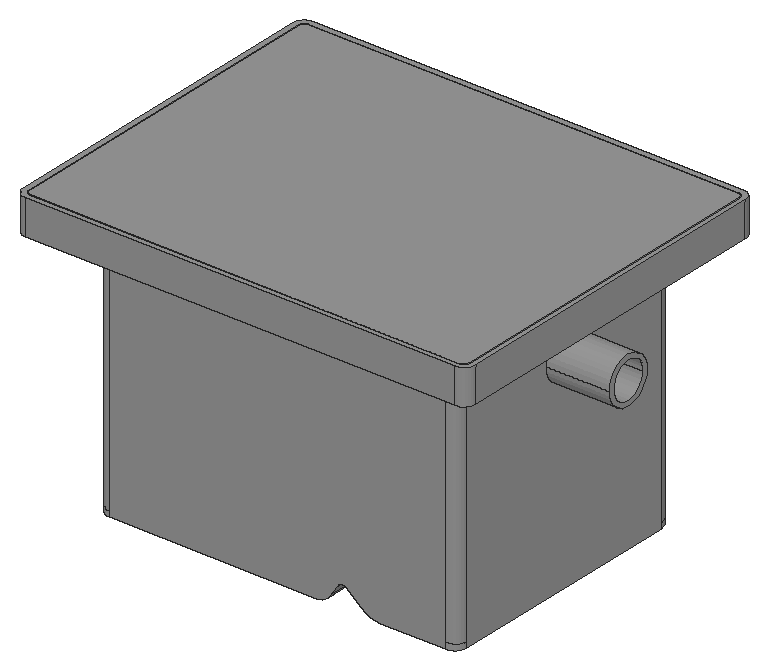
Revit family "Lil", category Plumbing Fixtures, Revit 2019
Family settings
  Round Connector Dimension = Use Diameter
  Part Type = Normal
  Work Plane-Based = No
  Always vertical = Yes
  Cut with Voids When Loaded = No
  Shared = No
  Room Calculation Point = No
Parameters (values of type "Lil-7")
  top 2 = 2"
  URL = "www.mifab.com"
  TOP1 = 1 1/2"
  TOP THK = 1 1/2"
  Pressure Drop = 0.00 psi
  Model = "MI-G-1-PL-PSB"
  Material = Polyethylene, High Density
  Manufacturer = "MIFAB"
  Flow = 7 GPM
  FULL DIM = 6"
  F2 = F / 2 - 51/256"  # 205/256"
  F/2 = F / 2  # 1"
  F = 2"
  E = 12 1/2"
  Description = "7GPM Lil Max HDPE Grease Interceptor"
  D = 9"
  C = 3 1/2"
  BOTTOM 1 = 9"
  B = 15 1/2"
  A+1 = (A + 1") / 1.95  # 10.51282"
  A = 19 1/2"
Types (9): name | top 2 | Model | Flow | F2 | F/2 | F | E | Description | D | C | B | A+1 | A
  (no name) | 2" | "MI-G-1-PL-PSB" | 7 GPM | 205/256" | 1" | 2" | 12 1/2" | "7GPM Lil Max HDPE Grease Interceptor" | 9" | 3 1/2" | 15 1/2" | 10.51282" | 19 1/2"
  Lil-7 | 2" | "MI-G-1-PL-PSB" | 7 GPM | 205/256" | 1" | 2" | 12 1/2" | "7GPM Lil Max HDPE Grease Interceptor" | 9" | 3 1/2" | 15 1/2" | 10.51282" | 19 1/2"
  Lil-10 | 3.09455" | "MI-G-2-PL-PSB" | 10 GPM | 205/256" | 1" | 2" | 13 1/4" | "10GPM Lil Max HDPE Grease Interceptor" | 9 3/4" | 3 1/2" | 17 1/2" | 12.30769" | 23"
  Lil-15 | 3.09455" | "MI-G-3-PL-PSB" | 15 GPM | 205/256" | 1" | 2" | 16 3/4" | "15GPM Lil Max HDPE Grease Interceptor" | 13 1/4" | 3 1/2" | 17 1/2" | 12.30769" | 23"
  Lil-20 | 3.09455" | "MI-G-4-PL-PSB" | 20 GPM | 1 77/256" | 1 1/2" | 3" | 14 1/4" | "20GPM Lil Max HDPE Grease Interceptor" | 10 3/4" | 3 1/2" | 20 1/2" | 15.64103" | 29 1/2"
  Lil-25 | 3.09455" | "MI-G-5-PL-PSB" | 25 GPM | 1 77/256" | 1 1/2" | 3" | 18 1/4" | "25GPM Lil Max HDPE Grease Interceptor" | 14 3/4" | 3 1/2" | 20 1/2" | 15.64103" | 29 1/2"
  Lil-35 | 3.09455" | "MI-G-6-PL-PSB" | 35 GPM | 1 77/256" | 1 1/2" | 3" | 22 1/4" | "35GPM Lil Max HDPE Grease Interceptor" | 16 3/4" | 5 1/2" | 25 1/2" | 17.4359" | 33"
  Lil-50 | 3.09455" | "MI-G-7-PL-PSB" | 50 GPM | 1 77/256" | 1 1/2" | 3" | 24 1/4" | "50GPM Lil Max HDPE Grease Interceptor" | 18 3/4" | 5 1/2" | 25 1/2" | 17.4359" | 33"
  Lil-25-LP | 3.09455" | "MI-G-5-PL-PSB-FSCR" | 25 GPM | 1 77/256" | 1 1/2" | 3" | 12 1/2" | "25GPM Lil Max HDPE Low Profile Grease Interceptor" | 9" | 3 1/2" | 25 1/2" | 17.4359" | 33"
Reference planes (in)
  plane 1 "Center (Front/Back)": y = 0
  plane 2: z = 0
  plane 3 "Center (Left/Right)": x = 0
  plane 4: z = -3.5
  plane 5: z = -12.5
Forms (in)
  Extrusion 1, solid, material "Polyethylene, High Density" <- "Material"
    sketch origin (-0.57139, 0, 0) x (1, 0, 0) y (0, 1, 0)
      loop
        arc (-8.67861, 7.75) -> (-9.03216, 7.60355) -> (-9.17861, 7.25) r 0.5
        line (-9.17861, 7.25) -> (-9.17861, -7.25)
        arc (-9.17861, -7.25) -> (-9.03216, -7.60355) -> (-8.67861, -7.75) r 0.5
        line (-8.67861, -7.75) -> (9.82139, -7.75)
        arc (9.82139, -7.75) -> (10.17494, -7.60355) -> (10.32139, -7.25) r 0.5
        line (10.32139, -7.25) -> (10.32139, 7.25)
        arc (10.32139, 7.25) -> (10.17494, 7.60355) -> (9.82139, 7.75) r 0.5
        line (9.82139, 7.75) -> (-8.67861, 7.75)
      loop
        arc (-8.92861, -7.25) -> (-8.85539, -7.42678) -> (-8.67861, -7.5) r 0.25
        line (-8.67861, -7.5) -> (9.82139, -7.5)
        arc (9.82139, -7.5) -> (9.99817, -7.42678) -> (10.07139, -7.25) r 0.25
        line (10.07139, -7.25) -> (10.07139, 7.25)
        arc (10.07139, 7.25) -> (9.99817, 7.42678) -> (9.82139, 7.5) r 0.25
        line (9.82139, 7.5) -> (-8.67861, 7.5)
        arc (-8.67861, 7.5) -> (-8.85539, 7.42678) -> (-8.92861, 7.25) r 0.25
        line (-8.92861, 7.25) -> (-8.92861, -7.25)
    from -1.5 to 0
  Extrusion 2, solid, material "Polyethylene, High Density" <- "Material"
    sketch origin (0, 0, 0) x (1, 0, 0) y (0, 1, 0)
      loop
        arc (-7.25, 5.75) -> (-7.60355, 5.60355) -> (-7.75, 5.25) r 0.5
        line (-7.75, 5.25) -> (-7.75, -5.25)
        arc (-7.75, -5.25) -> (-7.60355, -5.60355) -> (-7.25, -5.75) r 0.5
        line (-7.25, -5.75) -> (7.25, -5.75)
        arc (7.25, -5.75) -> (7.60355, -5.60355) -> (7.75, -5.25) r 0.5
        line (7.75, -5.25) -> (7.75, 5.25)
        arc (7.75, 5.25) -> (7.60355, 5.60355) -> (7.25, 5.75) r 0.5
        line (7.25, 5.75) -> (-7.25, 5.75)
      loop
        arc (-7.5, -5.25) -> (-7.42678, -5.42678) -> (-7.25, -5.5) r 0.25
        line (-7.25, -5.5) -> (7.25, -5.5)
        arc (7.25, -5.5) -> (7.42678, -5.42678) -> (7.5, -5.25) r 0.25
        line (7.5, -5.25) -> (7.5, 5.25)
        arc (7.5, 5.25) -> (7.42678, 5.42678) -> (7.25, 5.5) r 0.25
        line (7.25, 5.5) -> (-7.25, 5.5)
        arc (-7.25, 5.5) -> (-7.42678, 5.42678) -> (-7.5, 5.25) r 0.25
        line (-7.5, 5.25) -> (-7.5, -5.25)
    from -12.5 to -1.5
  Extrusion 3, solid, material "Polyethylene, High Density" <- "Material"
    sketch origin (0, 0, 0) x (0, 1, 0) y (0, 0, 1)
      loop
        circle (0, -3.5) r 1
    from 7.5 to 10.51282
  Extrusion 4, void
    sketch origin (0, 0, 0) x (0, 1, 0) y (0, 0, 1)
      loop
        circle (0, -3.5) r 0.80078
    from -10.51282 to 10.51282
  Extrusion 5, solid, material "Polyethylene, High Density" <- "Material"
    sketch origin (0, 0, 0) x (0, 1, 0) y (0, 0, -1)
      loop
        circle (0, 3.5) r 1
    from 7.5 to 10.51282
  Extrusion 6, solid, material "Polyethylene, High Density" <- "Material"
    sketch origin (0, 0, 0) x (1, 0, 0) y (0, 1, 0)
      loop
        line (-9.5, 7.25) -> (-9.5, -7.25)
        arc (-9.5, -7.25) -> (-9.42678, -7.42678) -> (-9.25, -7.5) r 0.25
        line (-9.25, -7.5) -> (9.25, -7.5)
        arc (9.25, -7.5) -> (9.42678, -7.42678) -> (9.5, -7.25) r 0.25
        line (9.5, -7.25) -> (9.5, 7.25)
        arc (9.5, 7.25) -> (9.42678, 7.42678) -> (9.25, 7.5) r 0.25
        line (9.25, 7.5) -> (-9.25, 7.5)
        arc (-9.25, 7.5) -> (-9.42678, 7.42678) -> (-9.5, 7.25) r 0.25
      loop
        line (-7.5, 5.25) -> (-7.5, -5.25)
        arc (-7.5, -5.25) -> (-7.42678, -5.42678) -> (-7.25, -5.5) r 0.25
        line (-7.25, -5.5) -> (7.25, -5.5)
        arc (7.25, -5.5) -> (7.42678, -5.42678) -> (7.5, -5.25) r 0.25
        line (7.5, -5.25) -> (7.5, 5.25)
        arc (7.5, 5.25) -> (7.42678, 5.42678) -> (7.25, 5.5) r 0.25
        line (7.25, 5.5) -> (-7.25, 5.5)
        arc (-7.25, 5.5) -> (-7.42678, 5.42678) -> (-7.5, 5.25) r 0.25
    from -1.5 to -1.27407
  Extrusion 7, solid, material "Polyethylene, High Density" <- "Material"
    sketch origin (0, 0, 0) x (1, 0, 0) y (0, 0, 1)
      loop
        line (-7.75, -12.5) -> (1.68146, -12.5)
        arc (1.68146, -12.5) -> (2.08444, -12.38254) -> (2.3612, -12.06696) r 0.75
        line (2.3612, -12.06696) -> (2.63018, -11.66446)
        arc (2.63018, -11.66446) -> (2.78411, -11.56852) -> (2.95785, -11.6206) r 0.22028
        line (2.95785, -11.6206) -> (3.61676, -12.19339)
        arc (3.61676, -12.19339) -> (3.99907, -12.42084) -> (4.43683, -12.5) r 1.25
        line (4.43683, -12.5) -> (7.75, -12.5) -> (7.75, -12.25) -> (4.43683, -12.25)
        arc (4.43683, -12.25) -> (4.08662, -12.18667) -> (3.78077, -12.00471) r 1
        line (3.78077, -12.00471) -> (3.10631, -11.41841)
        arc (3.10631, -11.41841) -> (2.74971, -11.3115) -> (2.43377, -11.50842) r 0.45213
        line (2.43377, -11.50842) -> (2.14162, -11.94558)
        arc (2.14162, -11.94558) -> (1.95733, -12.16701) -> (1.68146, -12.25) r 0.5
        line (1.68146, -12.25) -> (-7.75, -12.25) -> (-7.75, -12.5)
    from -5.75 to 5.75
  Extrusion 8, void
    sketch origin (0, 0, 0) x (1, 0, 0) y (0, 0, 1)
      loop
        line (1.68146, -12.5) -> (4.43683, -12.5)
        arc (4.43683, -12.5) -> (3.99907, -12.42084) -> (3.61676, -12.19339) r 1.25
        line (3.61676, -12.19339) -> (2.95785, -11.6206)
        arc (2.95785, -11.6206) -> (2.78411, -11.56852) -> (2.63018, -11.66446) r 0.22028
        line (2.63018, -11.66446) -> (2.3612, -12.06696)
        arc (2.3612, -12.06696) -> (2.08444, -12.38254) -> (1.68146, -12.5) r 0.75
    from -13.10637 to 13.12808
  Extrusion 9, void
    sketch origin (0, 0, 0) x (1, 0, 0) y (0, 1, 0)
      loop
        arc (-7.25, 5.75) -> (-7.60355, 5.60355) -> (-7.75, 5.25) r 0.5
        line (-7.75, 5.25) -> (-7.75, -5.25)
        arc (-7.75, -5.25) -> (-7.60355, -5.60355) -> (-7.25, -5.75) r 0.5
        line (-7.25, -5.75) -> (7.25, -5.75)
        arc (7.25, -5.75) -> (7.60355, -5.60355) -> (7.75, -5.25) r 0.5
        line (7.75, -5.25) -> (7.75, 5.25)
        arc (7.75, 5.25) -> (7.60355, 5.60355) -> (7.25, 5.75) r 0.5
        line (7.25, 5.75) -> (-7.25, 5.75)
      loop
        arc (-7.25, 6) -> (-7.78033, 5.78033) -> (-8, 5.25) r 0.75
        line (-8, 5.25) -> (-8, -5.25)
        arc (-8, -5.25) -> (-7.78033, -5.78033) -> (-7.25, -6) r 0.75
        line (-7.25, -6) -> (7.25, -6)
        arc (7.25, -6) -> (7.78033, -5.78033) -> (8, -5.25) r 0.75
        line (8, -5.25) -> (8, 5.25)
        arc (8, 5.25) -> (7.78033, 5.78033) -> (7.25, 6) r 0.75
        line (7.25, 6) -> (-7.25, 6)
    from -12.5 to -8.24153
  Extrusion 10, solid, material "Polytetrafluoroethylene"
    sketch origin (0, 0, 0) x (1, 0, 0) y (0, 1, 0)
      loop
        arc (-9.5, -7.25) -> (-9.42678, -7.42678) -> (-9.25, -7.5) r 0.25
        line (-9.25, -7.5) -> (9.25, -7.5)
        arc (9.25, -7.5) -> (9.42678, -7.42678) -> (9.5, -7.25) r 0.25
        line (9.5, -7.25) -> (9.5, 7.25)
        arc (9.5, 7.25) -> (9.42678, 7.42678) -> (9.25, 7.5) r 0.25
        line (9.25, 7.5) -> (-9.25, 7.5)
        arc (-9.25, 7.5) -> (-9.42678, 7.42678) -> (-9.5, 7.25) r 0.25
        line (-9.5, 7.25) -> (-9.5, -7.25)
    from -1.27407 to 0
Cuts and joins
  Extrusion 4 cuts Extrusion 1
  Extrusion 4, Extrusion 8 cuts Extrusion 2
  Extrusion 4 cuts Extrusion 3
  Extrusion 4 cuts Extrusion 5
  Extrusion 4 cuts Extrusion 6
  Extrusion 4, Extrusion 8, Extrusion 9 cuts Extrusion 7
  joined: Extrusion 1, Extrusion 2, Extrusion 3, Extrusion 5, Extrusion 6, Extrusion 7
Dimensions and locks (in)
  "D": plane 5 to plane 4
  "C": level to plane 4
  equal spacing: Extrusion 1 sketch curve, plane 1 "Center (Front/Back)", Extrusion 1 sketch curve
  plane 1 "Center (Front/Back)" to Extrusion 1 sketch curve = 7 3/4"
  equal spacing: Extrusion 1, plane 3 "Center (Left/Right)", Extrusion 1
  "A+1": Extrusion 3 to plane 3 "Center (Left/Right)"
  "A": Extrusion 1 sketch curve to Extrusion 1 sketch curve
  equal spacing: Extrusion 1 sketch curve, plane 3 "Center (Left/Right)", Extrusion 1 sketch curve
  "A+1": cut or joined group 1 (Extrusion 1, Extrusion 2, Extrusion 3, Extrusion 4, Extrusion 5, Extrusion 6, Extrusion 7, Extrusion 8, Extrusion 9) to plane 3 "Center (Left/Right)"
  locked: Extrusion 6 to Extrusion 1 at 0.22593
  equal spacing: Extrusion 2 sketch curve, plane 3 "Center (Left/Right)", Extrusion 2 sketch curve
  equal spacing: Extrusion 2 sketch curve, plane 1 "Center (Front/Back)", Extrusion 2 sketch curve
  cut or joined group 1 to cut or joined group 1 = 1/4"
  locked: cut or joined group 1 to cut or joined group 1 at 0.25  (x3)
  cut or joined group 1 to cut or joined group 1 = 2"
  locked: cut or joined group 1 to cut or joined group 1 at 2
  locked: cut or joined group 1 to cut or joined group 1 at 2.25  (x2)
  "B": cut or joined group 1 to cut or joined group 1
  locked: Extrusion 6 sketch curve to cut or joined group 1 at 2  (x2)
  "F/2": radius of Extrusion 3 sketch curve
  "F2": radius of Extrusion 4 sketch curve
  "F/2": radius of Extrusion 5 sketch curve
  aligned and locked: plane 2 to level
  aligned and locked: level to Extrusion 1
  aligned and locked: Extrusion 2 to plane 5
  aligned and locked: Extrusion 2 to Extrusion 1
  aligned and locked: plane 1 "Center (Front/Back)" to Extrusion 3 sketch curve
  aligned and locked: plane 4 to Extrusion 3 sketch curve
  aligned and locked: plane 1 "Center (Front/Back)" to Extrusion 4 sketch curve
  aligned and locked: plane 4 to Extrusion 4 sketch curve
  aligned and locked: Extrusion 6 sketch curve to Extrusion 1  (x3)
  aligned and locked: Extrusion 1 to Extrusion 6
  aligned and locked: Extrusion 7 sketch curve to cut or joined group 1
  aligned and locked: Extrusion 8 sketch curve to cut or joined group 1  (x3)
  aligned and locked: cut or joined group 1 to Extrusion 8 sketch curve
  aligned and locked: cut or joined group 1 to Extrusion 6 sketch curve  (x2)
  aligned and locked: Extrusion 6 sketch curve to cut or joined group 1
  aligned and locked: Extrusion 7 to Extrusion 2  (x2)
  aligned and locked: Extrusion 2 to Extrusion 7
  aligned and locked: Extrusion 2 to Extrusion 3
  aligned and locked: Extrusion 2 to Extrusion 5
  aligned and locked: Extrusion 9 sketch curve to cut or joined group 1  (x4)
  aligned and locked: Extrusion 9 to plane 5
  aligned and locked: Extrusion 10 sketch curve to cut or joined group 1  (x4)
  aligned and locked: Extrusion 10 to cut or joined group 1
  aligned and locked: level to Extrusion 10
  aligned and locked: Extrusion 3 to Extrusion 4
  aligned and locked: Extrusion 5 to Extrusion 4
  aligned and locked: plane 4 to Extrusion 5 sketch curve
  aligned and locked: plane 1 "Center (Front/Back)" to Extrusion 5 sketch curve
Automatic sketch dimensions
  Extrusion 6 sketch curve to Extrusion 6 sketch curve = 1/4"  (x6)
  Extrusion 8 sketch curve to Extrusion 8 sketch curve = 0.67973"
  plane 5 to Extrusion 8 sketch curve = 0.30661"
  Extrusion 8 sketch curve to Extrusion 8 sketch curve = 0.26899"
  Extrusion 8 sketch curve to Extrusion 8 sketch curve = 0.12239"
  Extrusion 8 sketch curve to Extrusion 8 sketch curve = 37/256"
  Extrusion 2 sketch curve to plane 3 "Center (Left/Right)" = 7 3/4"
  Extrusion 2 sketch curve to Extrusion 2 sketch curve = 1/2"  (x4)
  Extrusion 2 sketch curve to Extrusion 2 sketch curve = 0"  (x11)
  Extrusion 2 sketch curve to Extrusion 2 sketch curve = 1/4"
  plane 1 "Center (Front/Back)" to Extrusion 2 sketch curve = 5 3/4"
  Extrusion 6 sketch curve to Extrusion 6 sketch curve = 2"
  Extrusion 7 sketch curve to Extrusion 7 sketch curve = 0"  (x4)
  Extrusion 7 sketch curve to plane 5 = 0"
  Extrusion 7 sketch curve to plane 3 "Center (Left/Right)" = 7 3/4"
  plane 5 to Extrusion 7 sketch curve = 1/4"
  plane 3 "Center (Left/Right)" to Extrusion 7 sketch curve = 1.68146"
  plane 5 to Extrusion 7 sketch curve = 0.55442"
  Extrusion 7 sketch curve to Extrusion 7 sketch curve = 0.46016"
  plane 5 to Extrusion 7 sketch curve = 0.43304"
  Extrusion 7 sketch curve to Extrusion 7 sketch curve = 0.29215"
  plane 5 to Extrusion 7 sketch curve = 0.83554"
  Extrusion 7 sketch curve to Extrusion 7 sketch curve = 0.19641"
  Extrusion 7 sketch curve to Extrusion 7 sketch curve = 0.1795"
  Extrusion 7 sketch curve to Extrusion 7 sketch curve = 0.00364"
  plane 5 to Extrusion 7 sketch curve = 0.8794"
  Extrusion 7 sketch curve to Extrusion 7 sketch curve = 0.14816"
  plane 5 to Extrusion 7 sketch curve = 1.08159"
  Extrusion 7 sketch curve to Extrusion 7 sketch curve = 0.14846"
  plane 5 to Extrusion 7 sketch curve = 0.30661"
  Extrusion 7 sketch curve to Extrusion 7 sketch curve = 0.65891"
  plane 5 to Extrusion 7 sketch curve = 0.49529"
  Extrusion 7 sketch curve to Extrusion 7 sketch curve = 0.16401"
  Extrusion 7 sketch curve to Extrusion 7 sketch curve = 0.65606"
  Extrusion 7 sketch curve to Extrusion 7 sketch curve = 3.31317"
  Extrusion 7 sketch curve to Extrusion 7 sketch curve = 0.02722"
  Extrusion 9 sketch curve to Extrusion 9 sketch curve = 0"  (x7)
  Extrusion 9 sketch curve to Extrusion 9 sketch curve = 1/4"
  Extrusion 1 sketch curve to Extrusion 1 sketch curve = 0"  (x7)
  Extrusion 1 sketch curve to Extrusion 1 sketch curve = 1/4"  (x5)
  Extrusion 3 sketch curve to plane 4 = 0"
Connectors (in)
  piping at (10.51282, 0, -3.5), diameter 2, driven by "F", driven by "Flow"
    settings: on cut or joined group 1, index 1, connector inside diameter 24", connector length 0", flow factor 0, pipe flow 7 GPM, pressure drop 0.00 psi, fitting loss kfactor 0, connector angle 0.00°, fixture units 0, engagement length 0", angle of deflection 0.00°, flow configuration 0, flow direction 0, fitting loss method 0, system type 7, joint type 0, gender type 0, connector reference index -1, connector utility 0, adjustable connector no, is connector primary yes, connector description ""
  piping at (-10.51282, 0, -3.5), diameter 2, driven by "F", driven by "Flow"
    settings: on cut or joined group 1, index 2, connector inside diameter 24", connector length 0", flow factor 0, pipe flow 7 GPM, pressure drop 0.00 psi, fitting loss kfactor 0, connector angle 0.00°, fixture units 0, engagement length 0", angle of deflection 0.00°, flow configuration 0, flow direction 0, fitting loss method 0, system type 7, joint type 0, gender type 0, connector reference index -1, connector utility 0, adjustable connector no, is connector primary no, connector description ""
